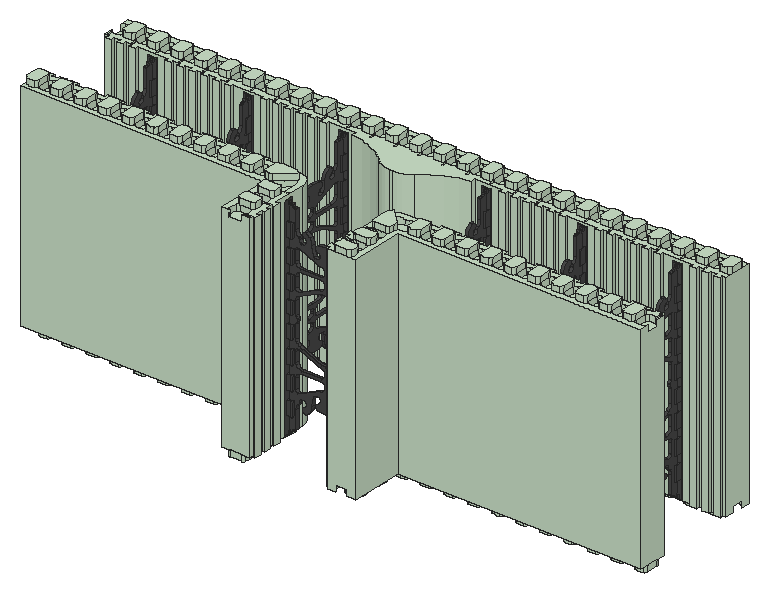
Revit family (continued)
Forms (mm)
  Extrusion 52, void
    sketch origin (50.918, 0.104, 0) x (0, -1, 0) y (1, 0, 0)
      loop
        arc (-96.698, -658.708) -> (-96.199, -658.394) -> (-95.62, -658.285) r 1.588
        line (-95.62, -658.285) -> (-86.829, -658.285) -> (-86.829, -653.946) -> (-92.457, -653.946)
        arc (-92.457, -653.946) -> (-93.668, -653.385) -> (-94.024, -652.1) r 1.588
        arc (-94.024, -652.1) -> (-93.737, -645.691) -> (-94.972, -639.396) r 26.988
        arc (-94.972, -639.396) -> (-97.278, -636.215) -> (-101.014, -635) r 6.35
        line (-101.014, -635) -> (-124.411, -635)
        arc (-124.411, -635) -> (-128.147, -636.215) -> (-130.453, -639.396) r 6.35
    from 457.2 to 444.5
  Extrusion 53, void
    sketch origin (101.718, 0.104, 0) x (0, -1, 0) y (1, 0, 0)
      loop
        arc (-130.453, -639.396) -> (-131.763, -647.7) -> (-130.453, -656.003) r 26.987
        arc (-130.453, -656.003) -> (-128.147, -659.184) -> (-124.411, -660.4) r 6.35
        line (-124.411, -660.4) -> (-101.014, -660.4)
        arc (-101.014, -660.4) -> (-98.696, -659.961) -> (-96.698, -658.708) r 6.35
        arc (-96.698, -658.708) -> (-96.199, -658.394) -> (-95.62, -658.285) r 1.588
        line (-95.62, -658.285) -> (-86.829, -658.285) -> (-86.829, -653.946) -> (-92.457, -653.946)
        arc (-92.457, -653.946) -> (-93.668, -653.385) -> (-94.024, -652.1) r 1.588
        arc (-94.024, -652.1) -> (-93.737, -645.691) -> (-94.972, -639.396) r 26.988
        arc (-94.972, -639.396) -> (-97.278, -636.215) -> (-101.014, -635) r 6.35
        line (-101.014, -635) -> (-124.411, -635)
        arc (-124.411, -635) -> (-128.147, -636.215) -> (-130.453, -639.396) r 6.35
    from 457.2 to 444.5
  Extrusion 54, void
    sketch origin (-914.281, 0.105, 0) x (0, 1, 0) y (-1, 0, 0)
      loop
        arc (-130.453, -639.396) -> (-131.763, -647.7) -> (-130.453, -656.003) r 26.987
        arc (-130.453, -656.003) -> (-128.147, -659.184) -> (-124.411, -660.4) r 6.35
        line (-124.411, -660.4) -> (-101.014, -660.4)
        arc (-101.014, -660.4) -> (-98.696, -659.961) -> (-96.698, -658.708) r 6.35
        arc (-96.698, -658.708) -> (-96.199, -658.394) -> (-95.62, -658.285) r 1.588
        line (-95.62, -658.285) -> (-86.829, -658.285) -> (-86.829, -653.946) -> (-92.457, -653.946)
        arc (-92.457, -653.946) -> (-93.668, -653.385) -> (-94.024, -652.1) r 1.588
        arc (-94.024, -652.1) -> (-93.737, -645.691) -> (-94.972, -639.396) r 26.988
        arc (-94.972, -639.396) -> (-97.278, -636.215) -> (-101.014, -635) r 6.35
        line (-101.014, -635) -> (-124.411, -635)
        arc (-124.411, -635) -> (-128.147, -636.215) -> (-130.453, -639.396) r 6.35
    from 457.2 to 444.5
  Extrusion 55, void
    sketch origin (-965.081, 0.105, 0) x (0, 1, 0) y (-1, 0, 0)
      loop
        arc (-130.453, -639.396) -> (-131.763, -647.7) -> (-130.453, -656.003) r 26.987
        arc (-130.453, -656.003) -> (-128.147, -659.184) -> (-124.411, -660.4) r 6.35
        line (-124.411, -660.4) -> (-101.014, -660.4)
        arc (-101.014, -660.4) -> (-98.696, -659.961) -> (-96.698, -658.708) r 6.35
        arc (-96.698, -658.708) -> (-96.199, -658.394) -> (-95.62, -658.285) r 1.588
        line (-95.62, -658.285) -> (-86.829, -658.285) -> (-86.829, -653.946) -> (-92.457, -653.946)
        arc (-92.457, -653.946) -> (-93.668, -653.385) -> (-94.024, -652.1) r 1.588
        arc (-94.024, -652.1) -> (-93.737, -645.691) -> (-94.972, -639.396) r 26.988
        arc (-94.972, -639.396) -> (-97.278, -636.215) -> (-101.014, -635) r 6.35
        line (-101.014, -635) -> (-124.411, -635)
        arc (-124.411, -635) -> (-128.147, -636.215) -> (-130.453, -639.396) r 6.35
    from 457.2 to 444.5
  Extrusion 56, void
    sketch origin (-1015.881, 0.105, 0) x (0, 1, 0) y (-1, 0, 0)
      loop
        arc (-130.453, -639.396) -> (-131.763, -647.7) -> (-130.453, -656.003) r 26.987
        arc (-130.453, -656.003) -> (-128.147, -659.184) -> (-124.411, -660.4) r 6.35
        line (-124.411, -660.4) -> (-101.014, -660.4)
        arc (-101.014, -660.4) -> (-98.696, -659.961) -> (-96.698, -658.708) r 6.35
        arc (-96.698, -658.708) -> (-96.199, -658.394) -> (-95.62, -658.285) r 1.588
        line (-95.62, -658.285) -> (-86.829, -658.285) -> (-86.829, -653.946) -> (-92.457, -653.946)
        arc (-92.457, -653.946) -> (-93.668, -653.385) -> (-94.024, -652.1) r 1.588
        arc (-94.024, -652.1) -> (-93.737, -645.691) -> (-94.972, -639.396) r 26.988
        arc (-94.972, -639.396) -> (-97.278, -636.215) -> (-101.014, -635) r 6.35
        line (-101.014, -635) -> (-124.411, -635)
        arc (-124.411, -635) -> (-128.147, -636.215) -> (-130.453, -639.396) r 6.35
    from 457.2 to 444.5
  Extrusion 57, void
    sketch origin (-1066.681, 0.105, 0) x (0, 1, 0) y (-1, 0, 0)
      loop
        arc (-130.453, -639.396) -> (-131.763, -647.7) -> (-130.453, -656.003) r 26.987
        arc (-130.453, -656.003) -> (-128.147, -659.184) -> (-124.411, -660.4) r 6.35
        line (-124.411, -660.4) -> (-101.014, -660.4)
        arc (-101.014, -660.4) -> (-98.696, -659.961) -> (-96.698, -658.708) r 6.35
        arc (-96.698, -658.708) -> (-96.199, -658.394) -> (-95.62, -658.285) r 1.588
        line (-95.62, -658.285) -> (-86.829, -658.285) -> (-86.829, -653.946) -> (-92.457, -653.946)
        arc (-92.457, -653.946) -> (-93.668, -653.385) -> (-94.024, -652.1) r 1.588
        arc (-94.024, -652.1) -> (-93.737, -645.691) -> (-94.972, -639.396) r 26.988
        arc (-94.972, -639.396) -> (-97.278, -636.215) -> (-101.014, -635) r 6.35
        line (-101.014, -635) -> (-124.411, -635)
        arc (-124.411, -635) -> (-128.147, -636.215) -> (-130.453, -639.396) r 6.35
    from 457.2 to 444.5
  Extrusion 58, void
    sketch origin (-1117.481, 0.105, 0) x (0, 1, 0) y (-1, 0, 0)
      loop
        arc (-130.453, -639.396) -> (-131.763, -647.7) -> (-130.453, -656.003) r 26.987
        arc (-130.453, -656.003) -> (-128.147, -659.184) -> (-124.411, -660.4) r 6.35
        line (-124.411, -660.4) -> (-101.014, -660.4)
        arc (-101.014, -660.4) -> (-98.696, -659.961) -> (-96.698, -658.708) r 6.35
        arc (-96.698, -658.708) -> (-96.199, -658.394) -> (-95.62, -658.285) r 1.588
        line (-95.62, -658.285) -> (-86.829, -658.285) -> (-86.829, -653.946) -> (-92.457, -653.946)
        arc (-92.457, -653.946) -> (-93.668, -653.385) -> (-94.024, -652.1) r 1.588
        arc (-94.024, -652.1) -> (-93.737, -645.691) -> (-94.972, -639.396) r 26.988
        arc (-94.972, -639.396) -> (-97.278, -636.215) -> (-101.014, -635) r 6.35
        line (-101.014, -635) -> (-124.411, -635)
        arc (-124.411, -635) -> (-128.147, -636.215) -> (-130.453, -639.396) r 6.35
    from 457.2 to 444.5
  Extrusion 59, void
    sketch origin (-1168.281, 0.105, 0) x (0, 1, 0) y (-1, 0, 0)
      loop
        arc (-130.453, -639.396) -> (-131.763, -647.7) -> (-130.453, -656.003) r 26.987
        arc (-130.453, -656.003) -> (-128.147, -659.184) -> (-124.411, -660.4) r 6.35
        line (-124.411, -660.4) -> (-101.014, -660.4)
        arc (-101.014, -660.4) -> (-98.696, -659.961) -> (-96.698, -658.708) r 6.35
        arc (-96.698, -658.708) -> (-96.199, -658.394) -> (-95.62, -658.285) r 1.588
        line (-95.62, -658.285) -> (-86.829, -658.285) -> (-86.829, -653.946) -> (-92.457, -653.946)
        arc (-92.457, -653.946) -> (-93.668, -653.385) -> (-94.024, -652.1) r 1.588
        arc (-94.024, -652.1) -> (-93.737, -645.691) -> (-94.972, -639.396) r 26.988
        arc (-94.972, -639.396) -> (-97.278, -636.215) -> (-101.014, -635) r 6.35
        line (-101.014, -635) -> (-124.411, -635)
        arc (-124.411, -635) -> (-128.147, -636.215) -> (-130.453, -639.396) r 6.35
    from 457.2 to 444.5
  Extrusion 60, void
    sketch origin (-1219.081, 0.105, 0) x (0, 1, 0) y (-1, 0, 0)
      loop
        arc (-130.453, -639.396) -> (-131.763, -647.7) -> (-130.453, -656.003) r 26.987
        arc (-130.453, -656.003) -> (-128.147, -659.184) -> (-124.411, -660.4) r 6.35
        line (-124.411, -660.4) -> (-101.014, -660.4)
        arc (-101.014, -660.4) -> (-98.696, -659.961) -> (-96.698, -658.708) r 6.35
        arc (-96.698, -658.708) -> (-96.199, -658.394) -> (-95.62, -658.285) r 1.588
        line (-95.62, -658.285) -> (-86.829, -658.285) -> (-86.829, -653.946) -> (-92.457, -653.946)
        arc (-92.457, -653.946) -> (-93.668, -653.385) -> (-94.024, -652.1) r 1.588
        arc (-94.024, -652.1) -> (-93.737, -645.691) -> (-94.972, -639.396) r 26.988
        arc (-94.972, -639.396) -> (-97.278, -636.215) -> (-101.014, -635) r 6.35
        line (-101.014, -635) -> (-124.411, -635)
        arc (-124.411, -635) -> (-128.147, -636.215) -> (-130.453, -639.396) r 6.35
    from 457.2 to 444.5
  Extrusion 61, void
    sketch origin (-1269.881, 0.105, 0) x (0, 1, 0) y (-1, 0, 0)
      loop
        arc (-130.453, -639.396) -> (-131.763, -647.7) -> (-130.453, -656.003) r 26.987
        arc (-130.453, -656.003) -> (-128.147, -659.184) -> (-124.411, -660.4) r 6.35
        line (-124.411, -660.4) -> (-101.014, -660.4)
        arc (-101.014, -660.4) -> (-98.696, -659.961) -> (-96.698, -658.708) r 6.35
        arc (-96.698, -658.708) -> (-96.199, -658.394) -> (-95.62, -658.285) r 1.588
        line (-95.62, -658.285) -> (-86.829, -658.285) -> (-86.829, -653.946) -> (-92.457, -653.946)
        arc (-92.457, -653.946) -> (-93.668, -653.385) -> (-94.024, -652.1) r 1.588
        arc (-94.024, -652.1) -> (-93.737, -645.691) -> (-94.972, -639.396) r 26.988
        arc (-94.972, -639.396) -> (-97.278, -636.215) -> (-101.014, -635) r 6.35
        line (-101.014, -635) -> (-124.411, -635)
        arc (-124.411, -635) -> (-128.147, -636.215) -> (-130.453, -639.396) r 6.35
    from 457.2 to 444.5
  Extrusion 62, void
    sketch origin (-355.481, 0.105, 0) x (0, 1, 0) y (-1, 0, 0)
      loop
        arc (-130.453, -639.396) -> (-131.763, -647.7) -> (-130.453, -656.003) r 26.987
        arc (-130.453, -656.003) -> (-128.147, -659.184) -> (-124.411, -660.4) r 6.35
        line (-124.411, -660.4) -> (-101.014, -660.4)
        arc (-101.014, -660.4) -> (-98.696, -659.961) -> (-96.698, -658.708) r 6.35
        arc (-96.698, -658.708) -> (-96.199, -658.394) -> (-95.62, -658.285) r 1.588
        line (-95.62, -658.285) -> (-86.829, -658.285) -> (-86.829, -653.946) -> (-92.457, -653.946)
        arc (-92.457, -653.946) -> (-93.668, -653.385) -> (-94.024, -652.1) r 1.588
        arc (-94.024, -652.1) -> (-93.737, -645.691) -> (-94.972, -639.396) r 26.988
        arc (-94.972, -639.396) -> (-97.278, -636.215) -> (-101.014, -635) r 6.35
        line (-101.014, -635) -> (-124.411, -635)
        arc (-124.411, -635) -> (-128.147, -636.215) -> (-130.453, -639.396) r 6.35
    from 457.2 to 444.5
  Extrusion 63, void
    sketch origin (-304.681, 0.105, 0) x (0, 1, 0) y (-1, 0, 0)
      loop
        arc (-130.453, -639.396) -> (-131.763, -647.7) -> (-130.453, -656.003) r 26.987
        arc (-130.453, -656.003) -> (-128.147, -659.184) -> (-124.411, -660.4) r 6.35
        line (-124.411, -660.4) -> (-101.014, -660.4)
        arc (-101.014, -660.4) -> (-98.696, -659.961) -> (-96.698, -658.708) r 6.35
        arc (-96.698, -658.708) -> (-96.199, -658.394) -> (-95.62, -658.285) r 1.588
        line (-95.62, -658.285) -> (-86.829, -658.285) -> (-86.829, -653.946) -> (-92.457, -653.946)
        arc (-92.457, -653.946) -> (-93.668, -653.385) -> (-94.024, -652.1) r 1.588
        arc (-94.024, -652.1) -> (-93.737, -645.691) -> (-94.972, -639.396) r 26.988
        arc (-94.972, -639.396) -> (-97.278, -636.215) -> (-101.014, -635) r 6.35
        line (-101.014, -635) -> (-124.411, -635)
        arc (-124.411, -635) -> (-128.147, -636.215) -> (-130.453, -639.396) r 6.35
    from 457.2 to 444.5
  Extrusion 64, void
    sketch origin (-253.881, 0.105, 0) x (0, 1, 0) y (-1, 0, 0)
      loop
        arc (-130.453, -639.396) -> (-131.763, -647.7) -> (-130.453, -656.003) r 26.987
        arc (-130.453, -656.003) -> (-128.147, -659.184) -> (-124.411, -660.4) r 6.35
        line (-124.411, -660.4) -> (-101.014, -660.4)
        arc (-101.014, -660.4) -> (-98.696, -659.961) -> (-96.698, -658.708) r 6.35
        arc (-96.698, -658.708) -> (-96.199, -658.394) -> (-95.62, -658.285) r 1.588
        line (-95.62, -658.285) -> (-86.829, -658.285) -> (-86.829, -653.946) -> (-92.457, -653.946)
        arc (-92.457, -653.946) -> (-93.668, -653.385) -> (-94.024, -652.1) r 1.588
        arc (-94.024, -652.1) -> (-93.737, -645.691) -> (-94.972, -639.396) r 26.988
        arc (-94.972, -639.396) -> (-97.278, -636.215) -> (-101.014, -635) r 6.35
        line (-101.014, -635) -> (-124.411, -635)
        arc (-124.411, -635) -> (-128.147, -636.215) -> (-130.453, -639.396) r 6.35
    from 457.2 to 444.5
  Extrusion 65, void
    sketch origin (-203.081, 0.105, 0) x (0, 1, 0) y (-1, 0, 0)
      loop
        arc (-130.453, -639.396) -> (-131.763, -647.7) -> (-130.453, -656.003) r 26.987
        arc (-130.453, -656.003) -> (-128.147, -659.184) -> (-124.411, -660.4) r 6.35
        line (-124.411, -660.4) -> (-101.014, -660.4)
        arc (-101.014, -660.4) -> (-98.696, -659.961) -> (-96.698, -658.708) r 6.35
        arc (-96.698, -658.708) -> (-96.199, -658.394) -> (-95.62, -658.285) r 1.588
        line (-95.62, -658.285) -> (-86.829, -658.285) -> (-86.829, -653.946) -> (-92.457, -653.946)
        arc (-92.457, -653.946) -> (-93.668, -653.385) -> (-94.024, -652.1) r 1.588
        arc (-94.024, -652.1) -> (-93.737, -645.691) -> (-94.972, -639.396) r 26.988
        arc (-94.972, -639.396) -> (-97.278, -636.215) -> (-101.014, -635) r 6.35
        line (-101.014, -635) -> (-124.411, -635)
        arc (-124.411, -635) -> (-128.147, -636.215) -> (-130.453, -639.396) r 6.35
    from 457.2 to 444.5
  Extrusion 66, void
    sketch origin (-152.281, 0.105, 0) x (0, 1, 0) y (-1, 0, 0)
      loop
        arc (-130.453, -639.396) -> (-131.763, -647.7) -> (-130.453, -656.003) r 26.987
        arc (-130.453, -656.003) -> (-128.147, -659.184) -> (-124.411, -660.4) r 6.35
        line (-124.411, -660.4) -> (-101.014, -660.4)
        arc (-101.014, -660.4) -> (-98.696, -659.961) -> (-96.698, -658.708) r 6.35
        arc (-96.698, -658.708) -> (-96.199, -658.394) -> (-95.62, -658.285) r 1.588
        line (-95.62, -658.285) -> (-86.829, -658.285) -> (-86.829, -653.946) -> (-92.457, -653.946)
        arc (-92.457, -653.946) -> (-93.668, -653.385) -> (-94.024, -652.1) r 1.588
        arc (-94.024, -652.1) -> (-93.737, -645.691) -> (-94.972, -639.396) r 26.988
        arc (-94.972, -639.396) -> (-97.278, -636.215) -> (-101.014, -635) r 6.35
        line (-101.014, -635) -> (-124.411, -635)
        arc (-124.411, -635) -> (-128.147, -636.215) -> (-130.453, -639.396) r 6.35
    from 457.2 to 444.5
  Extrusion 67, void
    sketch origin (-101.481, 0.105, 0) x (0, 1, 0) y (-1, 0, 0)
      loop
        arc (-130.453, -639.396) -> (-131.763, -647.7) -> (-130.453, -656.003) r 26.987
        arc (-130.453, -656.003) -> (-128.147, -659.184) -> (-124.411, -660.4) r 6.35
        line (-124.411, -660.4) -> (-101.014, -660.4)
        arc (-101.014, -660.4) -> (-98.696, -659.961) -> (-96.698, -658.708) r 6.35
        arc (-96.698, -658.708) -> (-96.199, -658.394) -> (-95.62, -658.285) r 1.588
        line (-95.62, -658.285) -> (-86.829, -658.285) -> (-86.829, -653.946) -> (-92.457, -653.946)
        arc (-92.457, -653.946) -> (-93.668, -653.385) -> (-94.024, -652.1) r 1.588
        arc (-94.024, -652.1) -> (-93.737, -645.691) -> (-94.972, -639.396) r 26.988
        arc (-94.972, -639.396) -> (-97.278, -636.215) -> (-101.014, -635) r 6.35
        line (-101.014, -635) -> (-124.411, -635)
        arc (-124.411, -635) -> (-128.147, -636.215) -> (-130.453, -639.396) r 6.35
    from 457.2 to 444.5
  Extrusion 68, void
    sketch origin (-50.681, 0.105, 0) x (0, 1, 0) y (-1, 0, 0)
      loop
        arc (-130.453, -639.396) -> (-131.763, -647.7) -> (-130.453, -656.003) r 26.987
        arc (-130.453, -656.003) -> (-128.147, -659.184) -> (-124.411, -660.4) r 6.35
        line (-124.411, -660.4) -> (-101.014, -660.4)
        arc (-101.014, -660.4) -> (-98.696, -659.961) -> (-96.698, -658.708) r 6.35
        arc (-96.698, -658.708) -> (-96.199, -658.394) -> (-95.62, -658.285) r 1.588
        line (-95.62, -658.285) -> (-86.829, -658.285) -> (-86.829, -653.946) -> (-92.457, -653.946)
        arc (-92.457, -653.946) -> (-93.668, -653.385) -> (-94.024, -652.1) r 1.588
        arc (-94.024, -652.1) -> (-93.737, -645.691) -> (-94.972, -639.396) r 26.988
        arc (-94.972, -639.396) -> (-97.278, -636.215) -> (-101.014, -635) r 6.35
        line (-101.014, -635) -> (-124.411, -635)
        arc (-124.411, -635) -> (-128.147, -636.215) -> (-130.453, -639.396) r 6.35
    from 457.2 to 444.5
  Extrusion 69, void
    sketch origin (0.119, 0.105, 0) x (0, 1, 0) y (-1, 0, 0)
      loop
        arc (-130.453, -639.396) -> (-131.763, -647.7) -> (-130.453, -656.003) r 26.987
        arc (-130.453, -656.003) -> (-128.147, -659.184) -> (-124.411, -660.4) r 6.35
        line (-124.411, -660.4) -> (-101.014, -660.4)
        arc (-101.014, -660.4) -> (-98.696, -659.961) -> (-96.698, -658.708) r 6.35
        arc (-96.698, -658.708) -> (-96.199, -658.394) -> (-95.62, -658.285) r 1.588
        line (-95.62, -658.285) -> (-86.829, -658.285) -> (-86.829, -653.946) -> (-92.457, -653.946)
        arc (-92.457, -653.946) -> (-93.668, -653.385) -> (-94.024, -652.1) r 1.588
        arc (-94.024, -652.1) -> (-93.737, -645.691) -> (-94.972, -639.396) r 26.988
        arc (-94.972, -639.396) -> (-97.278, -636.215) -> (-101.014, -635) r 6.35
        line (-101.014, -635) -> (-124.411, -635)
        arc (-124.411, -635) -> (-128.147, -636.215) -> (-130.453, -639.396) r 6.35
    from 457.2 to 444.5
  Extrusion 70, void
    sketch origin (965.318, 0.104, 0) x (0, -1, 0) y (1, 0, 0)
      loop
        arc (-130.453, -639.396) -> (-131.763, -647.7) -> (-130.453, -656.003) r 26.987
        arc (-130.453, -656.003) -> (-128.147, -659.184) -> (-124.411, -660.4) r 6.35
        line (-124.411, -660.4) -> (-101.014, -660.4)
        arc (-101.014, -660.4) -> (-98.696, -659.961) -> (-96.698, -658.708) r 6.35
        arc (-96.698, -658.708) -> (-96.199, -658.394) -> (-95.62, -658.285) r 1.588
        line (-95.62, -658.285) -> (-86.829, -658.285) -> (-86.829, -653.946) -> (-92.457, -653.946)
        arc (-92.457, -653.946) -> (-93.668, -653.385) -> (-94.024, -652.1) r 1.588
        arc (-94.024, -652.1) -> (-93.737, -645.691) -> (-94.972, -639.396) r 26.988
        arc (-94.972, -639.396) -> (-97.278, -636.215) -> (-101.014, -635) r 6.35
        line (-101.014, -635) -> (-124.411, -635)
        arc (-124.411, -635) -> (-128.147, -636.215) -> (-130.453, -639.396) r 6.35
    from 457.2 to 444.5
  Extrusion 71, void
    sketch origin (1016.118, 0.104, 0) x (0, -1, 0) y (1, 0, 0)
      loop
        arc (-130.453, -639.396) -> (-131.763, -647.7) -> (-130.453, -656.003) r 26.987
        arc (-130.453, -656.003) -> (-128.147, -659.184) -> (-124.411, -660.4) r 6.35
        line (-124.411, -660.4) -> (-101.014, -660.4)
        arc (-101.014, -660.4) -> (-98.696, -659.961) -> (-96.698, -658.708) r 6.35
        arc (-96.698, -658.708) -> (-96.199, -658.394) -> (-95.62, -658.285) r 1.588
        line (-95.62, -658.285) -> (-86.829, -658.285) -> (-86.829, -653.946) -> (-92.457, -653.946)
        arc (-92.457, -653.946) -> (-93.668, -653.385) -> (-94.024, -652.1) r 1.588
        arc (-94.024, -652.1) -> (-93.737, -645.691) -> (-94.972, -639.396) r 26.988
        arc (-94.972, -639.396) -> (-97.278, -636.215) -> (-101.014, -635) r 6.35
        line (-101.014, -635) -> (-124.411, -635)
        arc (-124.411, -635) -> (-128.147, -636.215) -> (-130.453, -639.396) r 6.35
    from 457.2 to 444.5
  Extrusion 72, void
    sketch origin (1066.918, 0.104, 0) x (0, -1, 0) y (1, 0, 0)
      loop
        arc (-130.453, -639.396) -> (-131.763, -647.7) -> (-130.453, -656.003) r 26.987
        arc (-130.453, -656.003) -> (-128.147, -659.184) -> (-124.411, -660.4) r 6.35
        line (-124.411, -660.4) -> (-101.014, -660.4)
        arc (-101.014, -660.4) -> (-98.696, -659.961) -> (-96.698, -658.708) r 6.35
        arc (-96.698, -658.708) -> (-96.199, -658.394) -> (-95.62, -658.285) r 1.588
        line (-95.62, -658.285) -> (-86.829, -658.285) -> (-86.829, -653.946) -> (-92.457, -653.946)
        arc (-92.457, -653.946) -> (-93.668, -653.385) -> (-94.024, -652.1) r 1.588
        arc (-94.024, -652.1) -> (-93.737, -645.691) -> (-94.972, -639.396) r 26.988
        arc (-94.972, -639.396) -> (-97.278, -636.215) -> (-101.014, -635) r 6.35
        line (-101.014, -635) -> (-124.411, -635)
        arc (-124.411, -635) -> (-128.147, -636.215) -> (-130.453, -639.396) r 6.35
    from 457.2 to 444.5
  Extrusion 73, void
    sketch origin (1117.718, 0.104, 0) x (0, -1, 0) y (1, 0, 0)
      loop
        arc (-130.453, -639.396) -> (-131.763, -647.7) -> (-130.453, -656.003) r 26.987
        arc (-130.453, -656.003) -> (-128.147, -659.184) -> (-124.411, -660.4) r 6.35
        line (-124.411, -660.4) -> (-101.014, -660.4)
        arc (-101.014, -660.4) -> (-98.696, -659.961) -> (-96.698, -658.708) r 6.35
        arc (-96.698, -658.708) -> (-96.199, -658.394) -> (-95.62, -658.285) r 1.588
        line (-95.62, -658.285) -> (-86.829, -658.285) -> (-86.829, -653.946) -> (-92.457, -653.946)
        arc (-92.457, -653.946) -> (-93.668, -653.385) -> (-94.024, -652.1) r 1.588
        arc (-94.024, -652.1) -> (-93.737, -645.691) -> (-94.972, -639.396) r 26.988
        arc (-94.972, -639.396) -> (-97.278, -636.215) -> (-101.014, -635) r 6.35
        line (-101.014, -635) -> (-124.411, -635)
        arc (-124.411, -635) -> (-128.147, -636.215) -> (-130.453, -639.396) r 6.35
    from 457.2 to 444.5
  Extrusion 74, void
    sketch origin (1168.518, 0.104, 0) x (0, -1, 0) y (1, 0, 0)
      loop
        arc (-130.453, -639.396) -> (-131.763, -647.7) -> (-130.453, -656.003) r 26.987
        arc (-130.453, -656.003) -> (-128.147, -659.184) -> (-124.411, -660.4) r 6.35
        line (-124.411, -660.4) -> (-101.014, -660.4)
        arc (-101.014, -660.4) -> (-98.696, -659.961) -> (-96.698, -658.708) r 6.35
        arc (-96.698, -658.708) -> (-96.199, -658.394) -> (-95.62, -658.285) r 1.588
        line (-95.62, -658.285) -> (-86.829, -658.285) -> (-86.829, -653.946) -> (-92.457, -653.946)
        arc (-92.457, -653.946) -> (-93.668, -653.385) -> (-94.024, -652.1) r 1.588
        arc (-94.024, -652.1) -> (-93.737, -645.691) -> (-94.972, -639.396) r 26.988
        arc (-94.972, -639.396) -> (-97.278, -636.215) -> (-101.014, -635) r 6.35
        line (-101.014, -635) -> (-124.411, -635)
        arc (-124.411, -635) -> (-128.147, -636.215) -> (-130.453, -639.396) r 6.35
    from 457.2 to 444.5
  Extrusion 75, void
    sketch origin (1219.318, 0.104, 0) x (0, -1, 0) y (1, 0, 0)
      loop
        arc (-130.453, -639.396) -> (-131.763, -647.7) -> (-130.453, -656.003) r 26.987
        arc (-130.453, -656.003) -> (-128.147, -659.184) -> (-124.411, -660.4) r 6.35
        line (-124.411, -660.4) -> (-101.014, -660.4)
        arc (-101.014, -660.4) -> (-98.696, -659.961) -> (-96.698, -658.708) r 6.35
        arc (-96.698, -658.708) -> (-96.199, -658.394) -> (-95.62, -658.285) r 1.588
        line (-95.62, -658.285) -> (-86.829, -658.285) -> (-86.829, -653.946) -> (-92.457, -653.946)
        arc (-92.457, -653.946) -> (-93.668, -653.385) -> (-94.024, -652.1) r 1.588
        arc (-94.024, -652.1) -> (-93.737, -645.691) -> (-94.972, -639.396) r 26.988
        arc (-94.972, -639.396) -> (-97.278, -636.215) -> (-101.014, -635) r 6.35
        line (-101.014, -635) -> (-124.411, -635)
        arc (-124.411, -635) -> (-128.147, -636.215) -> (-130.453, -639.396) r 6.35
    from 457.2 to 444.5
  Extrusion 76, void
    sketch origin (1270.118, 0.104, 0) x (0, -1, 0) y (1, 0, 0)
      loop
        arc (-130.453, -639.396) -> (-131.763, -647.7) -> (-130.453, -656.003) r 26.987
        arc (-130.453, -656.003) -> (-128.147, -659.184) -> (-124.411, -660.4) r 6.35
        line (-124.411, -660.4) -> (-101.014, -660.4)
        arc (-101.014, -660.4) -> (-98.696, -659.961) -> (-96.698, -658.708) r 6.35
        arc (-96.698, -658.708) -> (-96.199, -658.394) -> (-95.62, -658.285) r 1.588
        line (-95.62, -658.285) -> (-86.829, -658.285) -> (-86.829, -653.946) -> (-92.457, -653.946)
        arc (-92.457, -653.946) -> (-93.668, -653.385) -> (-94.024, -652.1) r 1.588
        arc (-94.024, -652.1) -> (-93.737, -645.691) -> (-94.972, -639.396) r 26.988
        arc (-94.972, -639.396) -> (-97.278, -636.215) -> (-101.014, -635) r 6.35
        line (-101.014, -635) -> (-124.411, -635)
        arc (-124.411, -635) -> (-128.147, -636.215) -> (-130.453, -639.396) r 6.35
    from 457.2 to 444.5
  Extrusion 77, void
    sketch origin (914.518, 0.104, 0) x (0, -1, 0) y (1, 0, 0)
      loop
        arc (-130.453, -639.396) -> (-131.763, -647.7) -> (-130.453, -656.003) r 26.987
        arc (-130.453, -656.003) -> (-128.147, -659.184) -> (-124.411, -660.4) r 6.35
        line (-124.411, -660.4) -> (-101.014, -660.4)
        arc (-101.014, -660.4) -> (-98.696, -659.961) -> (-96.698, -658.708) r 6.35
        arc (-96.698, -658.708) -> (-96.199, -658.394) -> (-95.62, -658.285) r 1.588
        line (-95.62, -658.285) -> (-86.829, -658.285) -> (-86.829, -653.946) -> (-92.457, -653.946)
        arc (-92.457, -653.946) -> (-93.668, -653.385) -> (-94.024, -652.1) r 1.588
        arc (-94.024, -652.1) -> (-93.737, -645.691) -> (-94.972, -639.396) r 26.988
        arc (-94.972, -639.396) -> (-97.278, -636.215) -> (-101.014, -635) r 6.35
        line (-101.014, -635) -> (-124.411, -635)
        arc (-124.411, -635) -> (-128.147, -636.215) -> (-130.453, -639.396) r 6.35
    from 457.2 to 444.5
  Extrusion 78, void
    sketch origin (355.718, 0.105, 0) x (0, 1, 0) y (-1, 0, 0)
      loop
        arc (-130.453, 639.396) -> (-128.147, 636.215) -> (-124.411, 635) r 6.35
        line (-124.411, 635) -> (-101.014, 635)
        arc (-101.014, 635) -> (-97.278, 636.215) -> (-94.972, 639.396) r 6.35
        arc (-94.972, 639.396) -> (-93.737, 645.691) -> (-94.024, 652.1) r 26.988
        arc (-94.024, 652.1) -> (-93.668, 653.385) -> (-92.457, 653.946) r 1.588
        line (-92.457, 653.946) -> (-86.829, 653.946) -> (-86.829, 658.285) -> (-95.62, 658.285)
        arc (-95.62, 658.285) -> (-96.199, 658.394) -> (-96.698, 658.708) r 1.588
        arc (-96.698, 658.708) -> (-98.696, 659.961) -> (-101.014, 660.4) r 6.35
        line (-101.014, 660.4) -> (-124.411, 660.4)
        arc (-124.411, 660.4) -> (-128.147, 659.184) -> (-130.453, 656.003) r 6.35
        arc (-130.453, 656.003) -> (-131.763, 647.7) -> (-130.453, 639.396) r 26.987
    from 0 to 12.7
  Extrusion 79, void
    sketch origin (304.918, 0.105, 0) x (0, 1, 0) y (-1, 0, 0)
      loop
        arc (-130.453, 639.396) -> (-128.147, 636.215) -> (-124.411, 635) r 6.35
        line (-124.411, 635) -> (-101.014, 635)
        arc (-101.014, 635) -> (-97.278, 636.215) -> (-94.972, 639.396) r 6.35
        arc (-94.972, 639.396) -> (-93.737, 645.691) -> (-94.024, 652.1) r 26.988
        arc (-94.024, 652.1) -> (-93.668, 653.385) -> (-92.457, 653.946) r 1.588
        line (-92.457, 653.946) -> (-86.829, 653.946) -> (-86.829, 658.285) -> (-95.62, 658.285)
        arc (-95.62, 658.285) -> (-96.199, 658.394) -> (-96.698, 658.708) r 1.588
        arc (-96.698, 658.708) -> (-98.696, 659.961) -> (-101.014, 660.4) r 6.35
        line (-101.014, 660.4) -> (-124.411, 660.4)
        arc (-124.411, 660.4) -> (-128.147, 659.184) -> (-130.453, 656.003) r 6.35
        arc (-130.453, 656.003) -> (-131.763, 647.7) -> (-130.453, 639.396) r 26.987
    from 0 to 12.7
  Extrusion 80, void
    sketch origin (254.118, 0.105, 0) x (0, 1, 0) y (-1, 0, 0)
      loop
        arc (-130.453, 639.396) -> (-128.147, 636.215) -> (-124.411, 635) r 6.35
        line (-124.411, 635) -> (-101.014, 635)
        arc (-101.014, 635) -> (-97.278, 636.215) -> (-94.972, 639.396) r 6.35
        arc (-94.972, 639.396) -> (-93.737, 645.691) -> (-94.024, 652.1) r 26.988
        arc (-94.024, 652.1) -> (-93.668, 653.385) -> (-92.457, 653.946) r 1.588
        line (-92.457, 653.946) -> (-86.829, 653.946) -> (-86.829, 658.285) -> (-95.62, 658.285)
        arc (-95.62, 658.285) -> (-96.199, 658.394) -> (-96.698, 658.708) r 1.588
        arc (-96.698, 658.708) -> (-98.696, 659.961) -> (-101.014, 660.4) r 6.35
        line (-101.014, 660.4) -> (-124.411, 660.4)
        arc (-124.411, 660.4) -> (-128.147, 659.184) -> (-130.453, 656.003) r 6.35
        arc (-130.453, 656.003) -> (-131.763, 647.7) -> (-130.453, 639.396) r 26.987
    from 0 to 12.7
  Extrusion 81, void
    sketch origin (203.318, 0.105, 0) x (0, 1, 0) y (-1, 0, 0)
      loop
        arc (-130.453, 639.396) -> (-128.147, 636.215) -> (-124.411, 635) r 6.35
        line (-124.411, 635) -> (-101.014, 635)
        arc (-101.014, 635) -> (-97.278, 636.215) -> (-94.972, 639.396) r 6.35
        arc (-94.972, 639.396) -> (-93.737, 645.691) -> (-94.024, 652.1) r 26.988
        arc (-94.024, 652.1) -> (-93.668, 653.385) -> (-92.457, 653.946) r 1.588
        line (-92.457, 653.946) -> (-86.829, 653.946) -> (-86.829, 658.285) -> (-95.62, 658.285)
        arc (-95.62, 658.285) -> (-96.199, 658.394) -> (-96.698, 658.708) r 1.588
        arc (-96.698, 658.708) -> (-98.696, 659.961) -> (-101.014, 660.4) r 6.35
        line (-101.014, 660.4) -> (-124.411, 660.4)
        arc (-124.411, 660.4) -> (-128.147, 659.184) -> (-130.453, 656.003) r 6.35
        arc (-130.453, 656.003) -> (-131.763, 647.7) -> (-130.453, 639.396) r 26.987
    from 0 to 12.7
  Extrusion 82, void
    sketch origin (152.518, 0.105, 0) x (0, 1, 0) y (-1, 0, 0)
      loop
        arc (-130.453, 639.396) -> (-128.147, 636.215) -> (-124.411, 635) r 6.35
        line (-124.411, 635) -> (-101.014, 635)
        arc (-101.014, 635) -> (-97.278, 636.215) -> (-94.972, 639.396) r 6.35
        arc (-94.972, 639.396) -> (-93.737, 645.691) -> (-94.024, 652.1) r 26.988
        arc (-94.024, 652.1) -> (-93.668, 653.385) -> (-92.457, 653.946) r 1.588
        line (-92.457, 653.946) -> (-86.829, 653.946) -> (-86.829, 658.285) -> (-95.62, 658.285)
        arc (-95.62, 658.285) -> (-96.199, 658.394) -> (-96.698, 658.708) r 1.588
        arc (-96.698, 658.708) -> (-98.696, 659.961) -> (-101.014, 660.4) r 6.35
        line (-101.014, 660.4) -> (-124.411, 660.4)
        arc (-124.411, 660.4) -> (-128.147, 659.184) -> (-130.453, 656.003) r 6.35
        arc (-130.453, 656.003) -> (-131.763, 647.7) -> (-130.453, 639.396) r 26.987
    from 0 to 12.7
  Extrusion 83, void
    sketch origin (101.718, 0.105, 0) x (0, 1, 0) y (-1, 0, 0)
      loop
        arc (-130.453, 639.396) -> (-128.147, 636.215) -> (-124.411, 635) r 6.35
        line (-124.411, 635) -> (-101.014, 635)
        arc (-101.014, 635) -> (-97.278, 636.215) -> (-94.972, 639.396) r 6.35
        arc (-94.972, 639.396) -> (-93.737, 645.691) -> (-94.024, 652.1) r 26.988
        arc (-94.024, 652.1) -> (-93.668, 653.385) -> (-92.457, 653.946) r 1.588
        line (-92.457, 653.946) -> (-86.829, 653.946) -> (-86.829, 658.285) -> (-95.62, 658.285)
        arc (-95.62, 658.285) -> (-96.199, 658.394) -> (-96.698, 658.708) r 1.588
        arc (-96.698, 658.708) -> (-98.696, 659.961) -> (-101.014, 660.4) r 6.35
        line (-101.014, 660.4) -> (-124.411, 660.4)
        arc (-124.411, 660.4) -> (-128.147, 659.184) -> (-130.453, 656.003) r 6.35
        arc (-130.453, 656.003) -> (-131.763, 647.7) -> (-130.453, 639.396) r 26.987
    from 0 to 12.7
  Extrusion 84, void
    sketch origin (50.918, 0.105, 0) x (0, 1, 0) y (-1, 0, 0)
      loop
        arc (-130.453, 639.396) -> (-128.147, 636.215) -> (-124.411, 635) r 6.35
        line (-124.411, 635) -> (-101.014, 635)
        arc (-101.014, 635) -> (-97.278, 636.215) -> (-94.972, 639.396) r 6.35
        arc (-94.972, 639.396) -> (-93.737, 645.691) -> (-94.024, 652.1) r 26.988
        arc (-94.024, 652.1) -> (-93.668, 653.385) -> (-92.457, 653.946) r 1.588
        line (-92.457, 653.946) -> (-86.829, 653.946) -> (-86.829, 658.285) -> (-95.62, 658.285)
        arc (-95.62, 658.285) -> (-96.199, 658.394) -> (-96.698, 658.708) r 1.588
        arc (-96.698, 658.708) -> (-98.696, 659.961) -> (-101.014, 660.4) r 6.35
        line (-101.014, 660.4) -> (-124.411, 660.4)
        arc (-124.411, 660.4) -> (-128.147, 659.184) -> (-130.453, 656.003) r 6.35
        arc (-130.453, 656.003) -> (-131.763, 647.7) -> (-130.453, 639.396) r 26.987
    from 0 to 12.7
  Extrusion 85, void
    sketch origin (0.118, 0.105, 0) x (0, 1, 0) y (-1, 0, 0)
      loop
        arc (-130.453, 639.396) -> (-128.147, 636.215) -> (-124.411, 635) r 6.35
        line (-124.411, 635) -> (-101.014, 635)
        arc (-101.014, 635) -> (-97.278, 636.215) -> (-94.972, 639.396) r 6.35
        arc (-94.972, 639.396) -> (-93.737, 645.691) -> (-94.024, 652.1) r 26.988
        arc (-94.024, 652.1) -> (-93.668, 653.385) -> (-92.457, 653.946) r 1.588
        line (-92.457, 653.946) -> (-86.829, 653.946) -> (-86.829, 658.285) -> (-95.62, 658.285)
        arc (-95.62, 658.285) -> (-96.199, 658.394) -> (-96.698, 658.708) r 1.588
        arc (-96.698, 658.708) -> (-98.696, 659.961) -> (-101.014, 660.4) r 6.35
        line (-101.014, 660.4) -> (-124.411, 660.4)
        arc (-124.411, 660.4) -> (-128.147, 659.184) -> (-130.453, 656.003) r 6.35
        arc (-130.453, 656.003) -> (-131.763, 647.7) -> (-130.453, 639.396) r 26.987
    from 0 to 12.7
  Extrusion 86, void
    sketch origin (914.518, 0.105, 0) x (0, 1, 0) y (-1, 0, 0)
      loop
        arc (-130.453, 639.396) -> (-128.147, 636.215) -> (-124.411, 635) r 6.35
        line (-124.411, 635) -> (-101.014, 635)
        arc (-101.014, 635) -> (-97.278, 636.215) -> (-94.972, 639.396) r 6.35
        arc (-94.972, 639.396) -> (-93.737, 645.691) -> (-94.024, 652.1) r 26.988
        arc (-94.024, 652.1) -> (-93.668, 653.385) -> (-92.457, 653.946) r 1.588
        line (-92.457, 653.946) -> (-86.829, 653.946) -> (-86.829, 658.285) -> (-95.62, 658.285)
        arc (-95.62, 658.285) -> (-96.199, 658.394) -> (-96.698, 658.708) r 1.588
        arc (-96.698, 658.708) -> (-98.696, 659.961) -> (-101.014, 660.4) r 6.35
        line (-101.014, 660.4) -> (-124.411, 660.4)
        arc (-124.411, 660.4) -> (-128.147, 659.184) -> (-130.453, 656.003) r 6.35
        arc (-130.453, 656.003) -> (-131.763, 647.7) -> (-130.453, 639.396) r 26.987
    from 0 to 12.7
  Extrusion 87, void
    sketch origin (965.318, 0.105, 0) x (0, 1, 0) y (-1, 0, 0)
      loop
        arc (-130.453, 639.396) -> (-128.147, 636.215) -> (-124.411, 635) r 6.35
        line (-124.411, 635) -> (-101.014, 635)
        arc (-101.014, 635) -> (-97.278, 636.215) -> (-94.972, 639.396) r 6.35
        arc (-94.972, 639.396) -> (-93.737, 645.691) -> (-94.024, 652.1) r 26.988
        arc (-94.024, 652.1) -> (-93.668, 653.385) -> (-92.457, 653.946) r 1.588
        line (-92.457, 653.946) -> (-86.829, 653.946) -> (-86.829, 658.285) -> (-95.62, 658.285)
        arc (-95.62, 658.285) -> (-96.199, 658.394) -> (-96.698, 658.708) r 1.588
        arc (-96.698, 658.708) -> (-98.696, 659.961) -> (-101.014, 660.4) r 6.35
        line (-101.014, 660.4) -> (-124.411, 660.4)
        arc (-124.411, 660.4) -> (-128.147, 659.184) -> (-130.453, 656.003) r 6.35
        arc (-130.453, 656.003) -> (-131.763, 647.7) -> (-130.453, 639.396) r 26.987
    from 0 to 12.7
  Extrusion 88, void
    sketch origin (1016.118, 0.105, 0) x (0, 1, 0) y (-1, 0, 0)
      loop
        arc (-130.453, 639.396) -> (-128.147, 636.215) -> (-124.411, 635) r 6.35
        line (-124.411, 635) -> (-101.014, 635)
        arc (-101.014, 635) -> (-97.278, 636.215) -> (-94.972, 639.396) r 6.35
        arc (-94.972, 639.396) -> (-93.737, 645.691) -> (-94.024, 652.1) r 26.988
        arc (-94.024, 652.1) -> (-93.668, 653.385) -> (-92.457, 653.946) r 1.588
        line (-92.457, 653.946) -> (-86.829, 653.946) -> (-86.829, 658.285) -> (-95.62, 658.285)
        arc (-95.62, 658.285) -> (-96.199, 658.394) -> (-96.698, 658.708) r 1.588
        arc (-96.698, 658.708) -> (-98.696, 659.961) -> (-101.014, 660.4) r 6.35
        line (-101.014, 660.4) -> (-124.411, 660.4)
        arc (-124.411, 660.4) -> (-128.147, 659.184) -> (-130.453, 656.003) r 6.35
        arc (-130.453, 656.003) -> (-131.763, 647.7) -> (-130.453, 639.396) r 26.987
    from 0 to 12.7
  Extrusion 89, void
    sketch origin (1066.918, 0.105, 0) x (0, 1, 0) y (-1, 0, 0)
      loop
        arc (-130.453, 639.396) -> (-128.147, 636.215) -> (-124.411, 635) r 6.35
        line (-124.411, 635) -> (-101.014, 635)
        arc (-101.014, 635) -> (-97.278, 636.215) -> (-94.972, 639.396) r 6.35
        arc (-94.972, 639.396) -> (-93.737, 645.691) -> (-94.024, 652.1) r 26.988
        arc (-94.024, 652.1) -> (-93.668, 653.385) -> (-92.457, 653.946) r 1.588
        line (-92.457, 653.946) -> (-86.829, 653.946) -> (-86.829, 658.285) -> (-95.62, 658.285)
        arc (-95.62, 658.285) -> (-96.199, 658.394) -> (-96.698, 658.708) r 1.588
        arc (-96.698, 658.708) -> (-98.696, 659.961) -> (-101.014, 660.4) r 6.35
        line (-101.014, 660.4) -> (-124.411, 660.4)
        arc (-124.411, 660.4) -> (-128.147, 659.184) -> (-130.453, 656.003) r 6.35
        arc (-130.453, 656.003) -> (-131.763, 647.7) -> (-130.453, 639.396) r 26.987
    from 0 to 12.7
  Extrusion 90, void
    sketch origin (1117.718, 0.105, 0) x (0, 1, 0) y (-1, 0, 0)
      loop
        arc (-130.453, 639.396) -> (-128.147, 636.215) -> (-124.411, 635) r 6.35
        line (-124.411, 635) -> (-101.014, 635)
        arc (-101.014, 635) -> (-97.278, 636.215) -> (-94.972, 639.396) r 6.35
        arc (-94.972, 639.396) -> (-93.737, 645.691) -> (-94.024, 652.1) r 26.988
        arc (-94.024, 652.1) -> (-93.668, 653.385) -> (-92.457, 653.946) r 1.588
        line (-92.457, 653.946) -> (-86.829, 653.946) -> (-86.829, 658.285) -> (-95.62, 658.285)
        arc (-95.62, 658.285) -> (-96.199, 658.394) -> (-96.698, 658.708) r 1.588
        arc (-96.698, 658.708) -> (-98.696, 659.961) -> (-101.014, 660.4) r 6.35
        line (-101.014, 660.4) -> (-124.411, 660.4)
        arc (-124.411, 660.4) -> (-128.147, 659.184) -> (-130.453, 656.003) r 6.35
        arc (-130.453, 656.003) -> (-131.763, 647.7) -> (-130.453, 639.396) r 26.987
    from 0 to 12.7
  Extrusion 91, void
    sketch origin (1168.518, 0.105, 0) x (0, 1, 0) y (-1, 0, 0)
      loop
        arc (-130.453, 639.396) -> (-128.147, 636.215) -> (-124.411, 635) r 6.35
        line (-124.411, 635) -> (-101.014, 635)
        arc (-101.014, 635) -> (-97.278, 636.215) -> (-94.972, 639.396) r 6.35
        arc (-94.972, 639.396) -> (-93.737, 645.691) -> (-94.024, 652.1) r 26.988
        arc (-94.024, 652.1) -> (-93.668, 653.385) -> (-92.457, 653.946) r 1.588
        line (-92.457, 653.946) -> (-86.829, 653.946) -> (-86.829, 658.285) -> (-95.62, 658.285)
        arc (-95.62, 658.285) -> (-96.199, 658.394) -> (-96.698, 658.708) r 1.588
        arc (-96.698, 658.708) -> (-98.696, 659.961) -> (-101.014, 660.4) r 6.35
        line (-101.014, 660.4) -> (-124.411, 660.4)
        arc (-124.411, 660.4) -> (-128.147, 659.184) -> (-130.453, 656.003) r 6.35
        arc (-130.453, 656.003) -> (-131.763, 647.7) -> (-130.453, 639.396) r 26.987
    from 0 to 12.7
  Extrusion 92, void
    sketch origin (1219.318, 0.105, 0) x (0, 1, 0) y (-1, 0, 0)
      loop
        arc (-130.453, 639.396) -> (-128.147, 636.215) -> (-124.411, 635) r 6.35
        line (-124.411, 635) -> (-101.014, 635)
        arc (-101.014, 635) -> (-97.278, 636.215) -> (-94.972, 639.396) r 6.35
        arc (-94.972, 639.396) -> (-93.737, 645.691) -> (-94.024, 652.1) r 26.988
        arc (-94.024, 652.1) -> (-93.668, 653.385) -> (-92.457, 653.946) r 1.588
        line (-92.457, 653.946) -> (-86.829, 653.946) -> (-86.829, 658.285) -> (-95.62, 658.285)
        arc (-95.62, 658.285) -> (-96.199, 658.394) -> (-96.698, 658.708) r 1.588
        arc (-96.698, 658.708) -> (-98.696, 659.961) -> (-101.014, 660.4) r 6.35
        line (-101.014, 660.4) -> (-124.411, 660.4)
        arc (-124.411, 660.4) -> (-128.147, 659.184) -> (-130.453, 656.003) r 6.35
        arc (-130.453, 656.003) -> (-131.763, 647.7) -> (-130.453, 639.396) r 26.987
    from 0 to 12.7
  Extrusion 93, void
    sketch origin (1270.118, 0.105, 0) x (0, 1, 0) y (-1, 0, 0)
      loop
        arc (-130.453, 639.396) -> (-128.147, 636.215) -> (-124.411, 635) r 6.35
        line (-124.411, 635) -> (-101.014, 635)
        arc (-101.014, 635) -> (-97.278, 636.215) -> (-94.972, 639.396) r 6.35
        arc (-94.972, 639.396) -> (-93.737, 645.691) -> (-94.024, 652.1) r 26.988
        arc (-94.024, 652.1) -> (-93.668, 653.385) -> (-92.457, 653.946) r 1.588
        line (-92.457, 653.946) -> (-86.829, 653.946) -> (-86.829, 658.285) -> (-95.62, 658.285)
        arc (-95.62, 658.285) -> (-96.199, 658.394) -> (-96.698, 658.708) r 1.588
        arc (-96.698, 658.708) -> (-98.696, 659.961) -> (-101.014, 660.4) r 6.35
        line (-101.014, 660.4) -> (-124.411, 660.4)
        arc (-124.411, 660.4) -> (-128.147, 659.184) -> (-130.453, 656.003) r 6.35
        arc (-130.453, 656.003) -> (-131.763, 647.7) -> (-130.453, 639.396) r 26.987
    from 0 to 12.7
  Extrusion 94, void
    sketch origin (-355.481, 0.104, 0) x (0, -1, 0) y (1, 0, 0)
      loop
        arc (-130.453, 639.396) -> (-128.147, 636.215) -> (-124.411, 635) r 6.35
        line (-124.411, 635) -> (-101.014, 635)
        arc (-101.014, 635) -> (-97.278, 636.215) -> (-94.972, 639.396) r 6.35
        arc (-94.972, 639.396) -> (-93.737, 645.691) -> (-94.024, 652.1) r 26.988
        arc (-94.024, 652.1) -> (-93.668, 653.385) -> (-92.457, 653.946) r 1.588
        line (-92.457, 653.946) -> (-86.829, 653.946) -> (-86.829, 658.285) -> (-95.62, 658.285)
        arc (-95.62, 658.285) -> (-96.199, 658.394) -> (-96.698, 658.708) r 1.588
        arc (-96.698, 658.708) -> (-98.696, 659.961) -> (-101.014, 660.4) r 6.35
        line (-101.014, 660.4) -> (-124.411, 660.4)
        arc (-124.411, 660.4) -> (-128.147, 659.184) -> (-130.453, 656.003) r 6.35
        arc (-130.453, 656.003) -> (-131.763, 647.7) -> (-130.453, 639.396) r 26.987
    from 0 to 12.7
  Extrusion 95, void
    sketch origin (-304.681, 0.104, 0) x (0, -1, 0) y (1, 0, 0)
      loop
        arc (-130.453, 639.396) -> (-128.147, 636.215) -> (-124.411, 635) r 6.35
        line (-124.411, 635) -> (-101.014, 635)
        arc (-101.014, 635) -> (-97.278, 636.215) -> (-94.972, 639.396) r 6.35
        arc (-94.972, 639.396) -> (-93.737, 645.691) -> (-94.024, 652.1) r 26.988
        arc (-94.024, 652.1) -> (-93.668, 653.385) -> (-92.457, 653.946) r 1.588
        line (-92.457, 653.946) -> (-86.829, 653.946) -> (-86.829, 658.285) -> (-95.62, 658.285)
        arc (-95.62, 658.285) -> (-96.199, 658.394) -> (-96.698, 658.708) r 1.588
        arc (-96.698, 658.708) -> (-98.696, 659.961) -> (-101.014, 660.4) r 6.35
        line (-101.014, 660.4) -> (-124.411, 660.4)
        arc (-124.411, 660.4) -> (-128.147, 659.184) -> (-130.453, 656.003) r 6.35
        arc (-130.453, 656.003) -> (-131.763, 647.7) -> (-130.453, 639.396) r 26.987
    from 0 to 12.7
  Extrusion 96, void
    sketch origin (-253.881, 0.104, 0) x (0, -1, 0) y (1, 0, 0)
      loop
        arc (-130.453, 639.396) -> (-128.147, 636.215) -> (-124.411, 635) r 6.35
        line (-124.411, 635) -> (-101.014, 635)
        arc (-101.014, 635) -> (-97.278, 636.215) -> (-94.972, 639.396) r 6.35
        arc (-94.972, 639.396) -> (-93.737, 645.691) -> (-94.024, 652.1) r 26.988
        arc (-94.024, 652.1) -> (-93.668, 653.385) -> (-92.457, 653.946) r 1.588
        line (-92.457, 653.946) -> (-86.829, 653.946) -> (-86.829, 658.285) -> (-95.62, 658.285)
        arc (-95.62, 658.285) -> (-96.199, 658.394) -> (-96.698, 658.708) r 1.588
        arc (-96.698, 658.708) -> (-98.696, 659.961) -> (-101.014, 660.4) r 6.35
        line (-101.014, 660.4) -> (-124.411, 660.4)
        arc (-124.411, 660.4) -> (-128.147, 659.184) -> (-130.453, 656.003) r 6.35
        arc (-130.453, 656.003) -> (-131.763, 647.7) -> (-130.453, 639.396) r 26.987
    from 0 to 12.7
  Extrusion 97, void
    sketch origin (-203.081, 0.104, 0) x (0, -1, 0) y (1, 0, 0)
      loop
        arc (-130.453, 639.396) -> (-128.147, 636.215) -> (-124.411, 635) r 6.35
        line (-124.411, 635) -> (-101.014, 635)
        arc (-101.014, 635) -> (-97.278, 636.215) -> (-94.972, 639.396) r 6.35
        arc (-94.972, 639.396) -> (-93.737, 645.691) -> (-94.024, 652.1) r 26.988
        arc (-94.024, 652.1) -> (-93.668, 653.385) -> (-92.457, 653.946) r 1.588
        line (-92.457, 653.946) -> (-86.829, 653.946) -> (-86.829, 658.285) -> (-95.62, 658.285)
        arc (-95.62, 658.285) -> (-96.199, 658.394) -> (-96.698, 658.708) r 1.588
        arc (-96.698, 658.708) -> (-98.696, 659.961) -> (-101.014, 660.4) r 6.35
        line (-101.014, 660.4) -> (-124.411, 660.4)
        arc (-124.411, 660.4) -> (-128.147, 659.184) -> (-130.453, 656.003) r 6.35
        arc (-130.453, 656.003) -> (-131.763, 647.7) -> (-130.453, 639.396) r 26.987
    from 0 to 12.7
  Extrusion 98, void
    sketch origin (-152.281, 0.104, 0) x (0, -1, 0) y (1, 0, 0)
      loop
        arc (-130.453, 639.396) -> (-128.147, 636.215) -> (-124.411, 635) r 6.35
        line (-124.411, 635) -> (-101.014, 635)
        arc (-101.014, 635) -> (-97.278, 636.215) -> (-94.972, 639.396) r 6.35
        arc (-94.972, 639.396) -> (-93.737, 645.691) -> (-94.024, 652.1) r 26.988
        arc (-94.024, 652.1) -> (-93.668, 653.385) -> (-92.457, 653.946) r 1.588
        line (-92.457, 653.946) -> (-86.829, 653.946) -> (-86.829, 658.285) -> (-95.62, 658.285)
        arc (-95.62, 658.285) -> (-96.199, 658.394) -> (-96.698, 658.708) r 1.588
        arc (-96.698, 658.708) -> (-98.696, 659.961) -> (-101.014, 660.4) r 6.35
        line (-101.014, 660.4) -> (-124.411, 660.4)
        arc (-124.411, 660.4) -> (-128.147, 659.184) -> (-130.453, 656.003) r 6.35
        arc (-130.453, 656.003) -> (-131.763, 647.7) -> (-130.453, 639.396) r 26.987
    from 0 to 12.7
  Extrusion 99, void
    sketch origin (-101.481, 0.104, 0) x (0, -1, 0) y (1, 0, 0)
      loop
        arc (-130.453, 639.396) -> (-128.147, 636.215) -> (-124.411, 635) r 6.35
        line (-124.411, 635) -> (-101.014, 635)
        arc (-101.014, 635) -> (-97.278, 636.215) -> (-94.972, 639.396) r 6.35
        arc (-94.972, 639.396) -> (-93.737, 645.691) -> (-94.024, 652.1) r 26.988
        arc (-94.024, 652.1) -> (-93.668, 653.385) -> (-92.457, 653.946) r 1.588
        line (-92.457, 653.946) -> (-86.829, 653.946) -> (-86.829, 658.285) -> (-95.62, 658.285)
        arc (-95.62, 658.285) -> (-96.199, 658.394) -> (-96.698, 658.708) r 1.588
        arc (-96.698, 658.708) -> (-98.696, 659.961) -> (-101.014, 660.4) r 6.35
        line (-101.014, 660.4) -> (-124.411, 660.4)
        arc (-124.411, 660.4) -> (-128.147, 659.184) -> (-130.453, 656.003) r 6.35
        arc (-130.453, 656.003) -> (-131.763, 647.7) -> (-130.453, 639.396) r 26.987
    from 0 to 12.7
  Extrusion 100, void
    sketch origin (-50.681, 0.104, 0) x (0, -1, 0) y (1, 0, 0)
      loop
        arc (-130.453, 639.396) -> (-128.147, 636.215) -> (-124.411, 635) r 6.35
        line (-124.411, 635) -> (-101.014, 635)
        arc (-101.014, 635) -> (-97.278, 636.215) -> (-94.972, 639.396) r 6.35
        arc (-94.972, 639.396) -> (-93.737, 645.691) -> (-94.024, 652.1) r 26.988
        arc (-94.024, 652.1) -> (-93.668, 653.385) -> (-92.457, 653.946) r 1.588
        line (-92.457, 653.946) -> (-86.829, 653.946) -> (-86.829, 658.285) -> (-95.62, 658.285)
        arc (-95.62, 658.285) -> (-96.199, 658.394) -> (-96.698, 658.708) r 1.588
        arc (-96.698, 658.708) -> (-98.696, 659.961) -> (-101.014, 660.4) r 6.35
        line (-101.014, 660.4) -> (-124.411, 660.4)
        arc (-124.411, 660.4) -> (-128.147, 659.184) -> (-130.453, 656.003) r 6.35
        arc (-130.453, 656.003) -> (-131.763, 647.7) -> (-130.453, 639.396) r 26.987
    from 0 to 12.7
  Extrusion 101, void
    sketch origin (0.119, 0.104, 0) x (0, -1, 0) y (1, 0, 0)
      loop
        arc (-130.453, 639.396) -> (-128.147, 636.215) -> (-124.411, 635) r 6.35
        line (-124.411, 635) -> (-101.014, 635)
        arc (-101.014, 635) -> (-97.278, 636.215) -> (-94.972, 639.396) r 6.35
        arc (-94.972, 639.396) -> (-93.737, 645.691) -> (-94.024, 652.1) r 26.988
        arc (-94.024, 652.1) -> (-93.668, 653.385) -> (-92.457, 653.946) r 1.588
        line (-92.457, 653.946) -> (-86.829, 653.946) -> (-86.829, 658.285) -> (-95.62, 658.285)
        arc (-95.62, 658.285) -> (-96.199, 658.394) -> (-96.698, 658.708) r 1.588
        arc (-96.698, 658.708) -> (-98.696, 659.961) -> (-101.014, 660.4) r 6.35
        line (-101.014, 660.4) -> (-124.411, 660.4)
        arc (-124.411, 660.4) -> (-128.147, 659.184) -> (-130.453, 656.003) r 6.35
        arc (-130.453, 656.003) -> (-131.763, 647.7) -> (-130.453, 639.396) r 26.987
    from 0 to 12.7
  Extrusion 102, void
    sketch origin (-1269.881, 0.104, 0) x (0, -1, 0) y (1, 0, 0)
      loop
        arc (-130.453, 639.396) -> (-128.147, 636.215) -> (-124.411, 635) r 6.35
        line (-124.411, 635) -> (-101.014, 635)
        arc (-101.014, 635) -> (-97.278, 636.215) -> (-94.972, 639.396) r 6.35
        arc (-94.972, 639.396) -> (-93.737, 645.691) -> (-94.024, 652.1) r 26.988
        arc (-94.024, 652.1) -> (-93.668, 653.385) -> (-92.457, 653.946) r 1.588
        line (-92.457, 653.946) -> (-86.829, 653.946) -> (-86.829, 658.285) -> (-95.62, 658.285)
        arc (-95.62, 658.285) -> (-96.199, 658.394) -> (-96.698, 658.708) r 1.588
        arc (-96.698, 658.708) -> (-98.696, 659.961) -> (-101.014, 660.4) r 6.35
        line (-101.014, 660.4) -> (-124.411, 660.4)
        arc (-124.411, 660.4) -> (-128.147, 659.184) -> (-130.453, 656.003) r 6.35
        arc (-130.453, 656.003) -> (-131.763, 647.7) -> (-130.453, 639.396) r 26.987
    from 0 to 12.7
  Extrusion 103, void
    sketch origin (-1219.081, 0.104, 0) x (0, -1, 0) y (1, 0, 0)
      loop
        arc (-130.453, 639.396) -> (-128.147, 636.215) -> (-124.411, 635) r 6.35
        line (-124.411, 635) -> (-101.014, 635)
        arc (-101.014, 635) -> (-97.278, 636.215) -> (-94.972, 639.396) r 6.35
        arc (-94.972, 639.396) -> (-93.737, 645.691) -> (-94.024, 652.1) r 26.988
        arc (-94.024, 652.1) -> (-93.668, 653.385) -> (-92.457, 653.946) r 1.588
        line (-92.457, 653.946) -> (-86.829, 653.946) -> (-86.829, 658.285) -> (-95.62, 658.285)
        arc (-95.62, 658.285) -> (-96.199, 658.394) -> (-96.698, 658.708) r 1.588
        arc (-96.698, 658.708) -> (-98.696, 659.961) -> (-101.014, 660.4) r 6.35
        line (-101.014, 660.4) -> (-124.411, 660.4)
        arc (-124.411, 660.4) -> (-128.147, 659.184) -> (-130.453, 656.003) r 6.35
        arc (-130.453, 656.003) -> (-131.763, 647.7) -> (-130.453, 639.396) r 26.987
    from 0 to 12.7
  Extrusion 104, void
    sketch origin (-1168.281, 0.104, 0) x (0, -1, 0) y (1, 0, 0)
      loop
        arc (-130.453, 639.396) -> (-128.147, 636.215) -> (-124.411, 635) r 6.35
        line (-124.411, 635) -> (-101.014, 635)
        arc (-101.014, 635) -> (-97.278, 636.215) -> (-94.972, 639.396) r 6.35
        arc (-94.972, 639.396) -> (-93.737, 645.691) -> (-94.024, 652.1) r 26.988
        arc (-94.024, 652.1) -> (-93.668, 653.385) -> (-92.457, 653.946) r 1.588
        line (-92.457, 653.946) -> (-86.829, 653.946) -> (-86.829, 658.285) -> (-95.62, 658.285)
        arc (-95.62, 658.285) -> (-96.199, 658.394) -> (-96.698, 658.708) r 1.588
        arc (-96.698, 658.708) -> (-98.696, 659.961) -> (-101.014, 660.4) r 6.35
        line (-101.014, 660.4) -> (-124.411, 660.4)
        arc (-124.411, 660.4) -> (-128.147, 659.184) -> (-130.453, 656.003) r 6.35
        arc (-130.453, 656.003) -> (-131.763, 647.7) -> (-130.453, 639.396) r 26.987
    from 0 to 12.7
  Extrusion 105, void
    sketch origin (-1117.481, 0.104, 0) x (0, -1, 0) y (1, 0, 0)
      loop
        arc (-130.453, 639.396) -> (-128.147, 636.215) -> (-124.411, 635) r 6.35
        line (-124.411, 635) -> (-101.014, 635)
        arc (-101.014, 635) -> (-97.278, 636.215) -> (-94.972, 639.396) r 6.35
        arc (-94.972, 639.396) -> (-93.737, 645.691) -> (-94.024, 652.1) r 26.988
        arc (-94.024, 652.1) -> (-93.668, 653.385) -> (-92.457, 653.946) r 1.588
        line (-92.457, 653.946) -> (-86.829, 653.946) -> (-86.829, 658.285) -> (-95.62, 658.285)
        arc (-95.62, 658.285) -> (-96.199, 658.394) -> (-96.698, 658.708) r 1.588
        arc (-96.698, 658.708) -> (-98.696, 659.961) -> (-101.014, 660.4) r 6.35
        line (-101.014, 660.4) -> (-124.411, 660.4)
        arc (-124.411, 660.4) -> (-128.147, 659.184) -> (-130.453, 656.003) r 6.35
        arc (-130.453, 656.003) -> (-131.763, 647.7) -> (-130.453, 639.396) r 26.987
    from 0 to 12.7
  Extrusion 106, void
    sketch origin (-1066.681, 0.104, 0) x (0, -1, 0) y (1, 0, 0)
      loop
        arc (-130.453, 639.396) -> (-128.147, 636.215) -> (-124.411, 635) r 6.35
        line (-124.411, 635) -> (-101.014, 635)
        arc (-101.014, 635) -> (-97.278, 636.215) -> (-94.972, 639.396) r 6.35
        arc (-94.972, 639.396) -> (-93.737, 645.691) -> (-94.024, 652.1) r 26.988
        arc (-94.024, 652.1) -> (-93.668, 653.385) -> (-92.457, 653.946) r 1.588
        line (-92.457, 653.946) -> (-86.829, 653.946) -> (-86.829, 658.285) -> (-95.62, 658.285)
        arc (-95.62, 658.285) -> (-96.199, 658.394) -> (-96.698, 658.708) r 1.588
        arc (-96.698, 658.708) -> (-98.696, 659.961) -> (-101.014, 660.4) r 6.35
        line (-101.014, 660.4) -> (-124.411, 660.4)
        arc (-124.411, 660.4) -> (-128.147, 659.184) -> (-130.453, 656.003) r 6.35
        arc (-130.453, 656.003) -> (-131.763, 647.7) -> (-130.453, 639.396) r 26.987
    from 0 to 12.7
  Extrusion 107, void
    sketch origin (-1015.881, 0.104, 0) x (0, -1, 0) y (1, 0, 0)
      loop
        arc (-130.453, 639.396) -> (-128.147, 636.215) -> (-124.411, 635) r 6.35
        line (-124.411, 635) -> (-101.014, 635)
        arc (-101.014, 635) -> (-97.278, 636.215) -> (-94.972, 639.396) r 6.35
        arc (-94.972, 639.396) -> (-93.737, 645.691) -> (-94.024, 652.1) r 26.988
        arc (-94.024, 652.1) -> (-93.668, 653.385) -> (-92.457, 653.946) r 1.588
        line (-92.457, 653.946) -> (-86.829, 653.946) -> (-86.829, 658.285) -> (-95.62, 658.285)
        arc (-95.62, 658.285) -> (-96.199, 658.394) -> (-96.698, 658.708) r 1.588
        arc (-96.698, 658.708) -> (-98.696, 659.961) -> (-101.014, 660.4) r 6.35
        line (-101.014, 660.4) -> (-124.411, 660.4)
        arc (-124.411, 660.4) -> (-128.147, 659.184) -> (-130.453, 656.003) r 6.35
        arc (-130.453, 656.003) -> (-131.763, 647.7) -> (-130.453, 639.396) r 26.987
    from 0 to 12.7
  Extrusion 108, void
    sketch origin (-965.081, 0.104, 0) x (0, -1, 0) y (1, 0, 0)
      loop
        arc (-130.453, 639.396) -> (-128.147, 636.215) -> (-124.411, 635) r 6.35
        line (-124.411, 635) -> (-101.014, 635)
        arc (-101.014, 635) -> (-97.278, 636.215) -> (-94.972, 639.396) r 6.35
        arc (-94.972, 639.396) -> (-93.737, 645.691) -> (-94.024, 652.1) r 26.988
        arc (-94.024, 652.1) -> (-93.668, 653.385) -> (-92.457, 653.946) r 1.588
        line (-92.457, 653.946) -> (-86.829, 653.946) -> (-86.829, 658.285) -> (-95.62, 658.285)
        arc (-95.62, 658.285) -> (-96.199, 658.394) -> (-96.698, 658.708) r 1.588
        arc (-96.698, 658.708) -> (-98.696, 659.961) -> (-101.014, 660.4) r 6.35
        line (-101.014, 660.4) -> (-124.411, 660.4)
        arc (-124.411, 660.4) -> (-128.147, 659.184) -> (-130.453, 656.003) r 6.35
        arc (-130.453, 656.003) -> (-131.763, 647.7) -> (-130.453, 639.396) r 26.987
    from 0 to 12.7
  Extrusion 109, void
    sketch origin (-914.281, 0.104, 0) x (0, -1, 0) y (1, 0, 0)
      loop
        arc (-130.453, 639.396) -> (-128.147, 636.215) -> (-124.411, 635) r 6.35
        line (-124.411, 635) -> (-101.014, 635)
